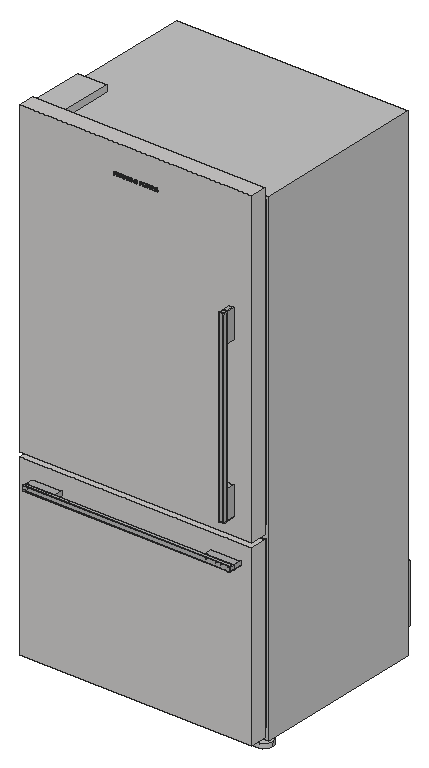
Revit family "FP-Revit18-RF522WDLX5-Fridges", category Specialty Equipment, Revit 2018 (continued)
Definition of nested family "F&P Handle Kit - Contemporary Round - Horizontal"
  Forms (mm)
    Extrusion 3, solid, material <- "Material - Handle", detail levels fine
      sketch origin (0, 0, 0) x (0, 1, 0) y (0, 0, -1)
        loop
          line (0, -8.7) -> (0, 8.7) -> (-32.3, 8.7)
          arc (-32.3, 8.7) -> (-41, 0) -> (-32.3, -8.7) r 8.7
          line (-32.3, -8.7) -> (0, -8.7)
      from 255 to 355
    Sweep 4, void
      path in 3D
        loop
          line (355, 0, 8.7) -> (355, -32.3, 8.7)
          arc (355, -32.3, 8.7) -> (355, -41, 0) -> (355, -32.3, -8.7) r 8.7
          line (355, -32.3, -8.7) -> (355, 0, -8.7)
      profile origin (355, -16.15, 8.7) x (1, 0, 0) y (0, 0, 1)
        loop
          line (0, 0) -> (-1, 0) -> (0, -1) -> (0, 0)
    Sweep 5, void
      path in 3D
        loop
          line (-355, 0, -8.7) -> (-355, -32.3, -8.7)
          arc (-355, -32.3, -8.7) -> (-355, -41, 0) -> (-355, -32.3, 8.7) r 8.7
          line (-355, -32.3, 8.7) -> (-355, 0, 8.7)
      profile origin (-355, -16.15, 8.7) x (-1, 0, 0) y (0, 0, 1)
        loop
          line (0, 0) -> (-1, 0) -> (0, -1) -> (0, 0)
    Extrusion 6, solid, material <- "Material - Handle", detail levels coarse+medium
      sketch origin (0, 0, 0) x (0, 1, 0) y (0, 0, 1)
        loop
          line (0, 8.7) -> (-32.3, 8.7)
          arc (-32.3, 8.7) -> (-41, 0) -> (-32.3, -8.7) r 8.7
          line (-32.3, -8.7) -> (0, -8.7) -> (0, 8.7)
      from 255 to 355
    Extrusion 7, solid, material <- "Material - Handle", detail levels coarse+medium
      sketch origin (0, 0, 0) x (0, 1, 0) y (0, 0, -1)
        loop
          line (0, -8.7) -> (0, 8.7) -> (-32.3, 8.7)
          arc (-32.3, 8.7) -> (-41, 0) -> (-32.3, -8.7) r 8.7
          line (-32.3, -8.7) -> (0, -8.7)
      from 255 to 355
  Cuts and joins
    Sweep 4 cuts Extrusion 2
    Sweep 5 cuts Extrusion 3
  Lines and regions (mm)
    sketch lines
      curve 1: line (355, 0, 8.7) -> (355, -32.3, 8.7)
      curve 2: arc (355, -32.3, -8.7) -> (355, -41, 0) -> (355, -32.3, 8.7) r 8.7
      curve 3: line (355, -32.3, -8.7) -> (355, 0, -8.7)
      curve 4: line (-355, -32.3, 8.7) -> (-355, 0, 8.7)
      curve 5: arc (-355, -32.3, 8.7) -> (-355, -41, 0) -> (-355, -32.3, -8.7) r 8.7
      curve 6: line (-355, 0, -8.7) -> (-355, -32.3, -8.7)
  Dimensions and locks
    equal spacing: plane 4 "Product LHS", plane 3 "Center (Left/Right)", plane 5 "Product RHS"
    "Handle - Length": plane 4 "Product LHS" to plane 5 "Product RHS"
    "Handle Standoff - Length": plane 4 "Product LHS" to plane 6 "LHS Standoff"
    "Handle Standoff - Length": plane 7 "RHS Standoff" to plane 5 "Product RHS"
    equal spacing: Extrusion 2 sketch curve, level, Extrusion 2 sketch curve
    Extrusion 3 sketch curve to Extrusion 3 sketch curve = 17.4 mm
    Extrusion 6 sketch curve to Extrusion 6 sketch curve = 17.4 mm
    Extrusion 7 sketch curve to Extrusion 7 sketch curve = 17.4 mm
    aligned and locked: level to plane 2
    aligned and locked: plane 7 "RHS Standoff" to Extrusion 1
    aligned and locked: Extrusion 2 to Extrusion 1
    aligned and locked: Extrusion 2 to plane 5 "Product RHS"
    aligned and locked: plane 4 "Product LHS" to Extrusion 3
    aligned and locked: plane 6 "LHS Standoff" to Extrusion 3
    aligned and locked: Extrusion 1 to plane 6 "LHS Standoff"
    aligned and locked: Extrusion 6 to Extrusion 1
    aligned and locked: Extrusion 6 to plane 5 "Product RHS"
    aligned and locked: plane 4 "Product LHS" to Extrusion 7
    aligned and locked: Extrusion 7 to Extrusion 1
  Automatic sketch dimensions
    Extrusion 1 sketch curve to level = 0 mm
    plane 1 "Center (Front/Back)" to Extrusion 1 sketch curve = 32.3 mm
    Extrusion 2 sketch curve to plane 1 "Center (Front/Back)" = 0 mm
    Extrusion 2 sketch curve to level = 8.7 mm
    plane 1 "Center (Front/Back)" to Extrusion 2 sketch curve = 32.3 mm
    Extrusion 3 sketch curve to level = 0 mm
    Extrusion 3 sketch curve to plane 1 "Center (Front/Back)" = 0 mm
    Extrusion 3 sketch curve to level = 8.7 mm
    plane 1 "Center (Front/Back)" to Extrusion 3 sketch curve = 32.3 mm
    Sweep 4 sketch curve to profile plane = 0 mm
    profile plane to Sweep 4 sketch curve = 0 mm
    profile plane to Sweep 4 sketch curve = 1 mm
    Sweep 4 sketch curve to profile plane = 1 mm
    Sweep 5 sketch curve to profile plane = 0 mm  (x2)
    profile plane to Sweep 5 sketch curve = 1 mm
    Sweep 5 sketch curve to profile plane = 1 mm
    Extrusion 6 sketch curve to level = 0 mm
    level to Extrusion 6 sketch curve = 8.7 mm
    plane 1 "Center (Front/Back)" to Extrusion 6 sketch curve = 32.3 mm
    Extrusion 6 sketch curve to Extrusion 6 sketch curve = 32.3 mm
    Extrusion 7 sketch curve to level = 0 mm
    level to Extrusion 7 sketch curve = 8.7 mm
    plane 1 "Center (Front/Back)" to Extrusion 7 sketch curve = 32.3 mm
    Extrusion 7 sketch curve to Extrusion 7 sketch curve = 32.3 mm
    radius of Extrusion 1 sketch curve = 8.7 mm
